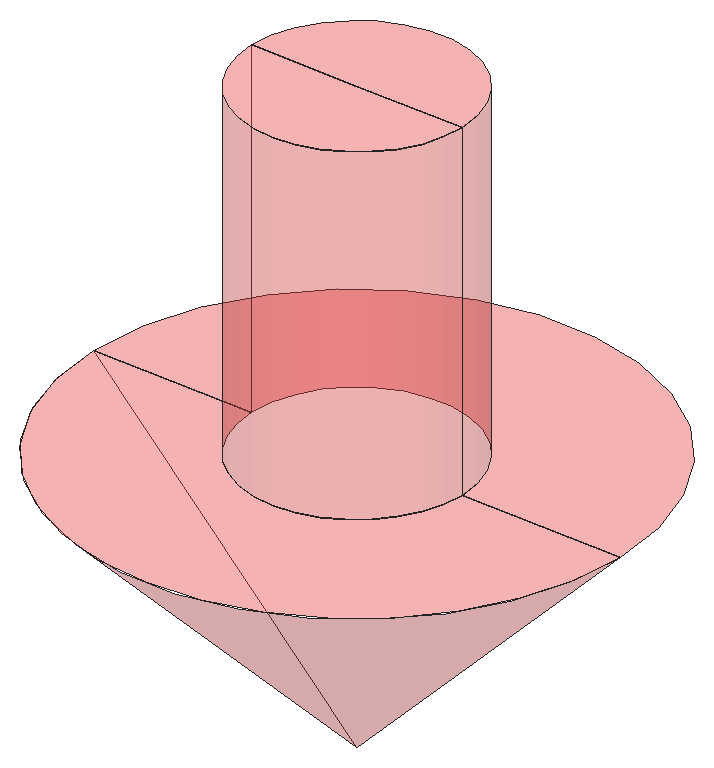
Revit family "SetoutPoint", category Generic Models, Revit 2013
Parameters (values of type "SetoutPoint_Major")
  Z [instance] = 0 mm
  Y [instance] = 0 mm
  X [instance] = 0 mm
  Type Comments = ""
  Point_Number [instance] = ""
  Material = Setout Point-Major
  Key_Setout_Point = yes
  Host_Type [instance] = ""
  Host_Id [instance] = 0
  Description = "Setout Point"
Types (2, lengths in mm): name | Material | Key_Setout_Point
  SetoutPoint_Major | Setout Point-Major | yes
  SetoutPoint_Minor | Setout Point-Minor | no
Reference planes
  plane 1 "Center (Front/Back)": y = 0
  plane 2: z = 0
  plane 3 "Center (Left/Right)": x = 0
  plane 4: z = 100
  plane 5: z = 225
Forms (mm)
  Revolve 1, solid, material "Setout Point-Major" <- "Material"
    sketch origin (0, 0, 0) x (1, 0, 0) y (0, 0, 1)
      loop
        line (0, 0) -> (0, 225) -> (-40, 225) -> (-40, 100) -> (-100, 100) -> (0, 0)
      axis (0, 0) -> (0, 225)
    angle from 0 to 360
Dimensions and locks
  plane 5 to plane 4 to level = 125 mm locked, 100 mm locked
  plane 3 "Center (Left/Right)" to Revolve 1 sketch curve to Revolve 1 sketch curve = 40 mm locked, 60 mm locked
  aligned and locked: plane 2 to level
  aligned and locked: Revolve 1 sketch curve to plane 4
  aligned and locked: Revolve 1 sketch curve to plane 5
  aligned and locked: Revolve 1 sketch curve to plane 3 "Center (Left/Right)"
